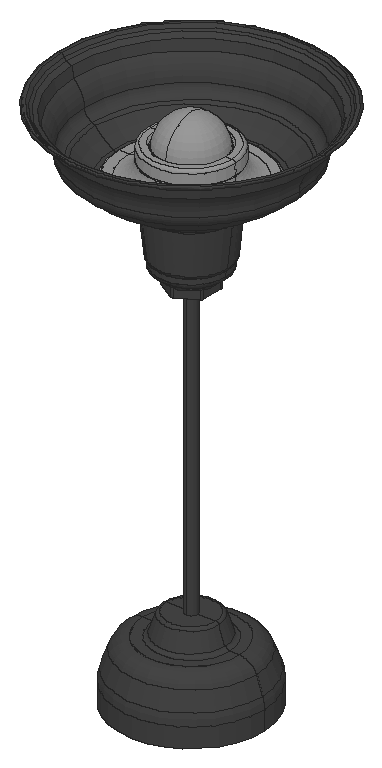
Revit family "BLE-S-WHB-LED", category Lighting Fixtures, host Face, Revit 2022 (continued)
Definition of nested family "WHB Shade"
  Definition of nested family "SHD-0021"
    Dimensions and locks (in)
      locked: plane 27 to plane 44 at 0.45
      locked: plane 41 to plane 46 at 0.16
      locked: plane 3 "Center (Left/Right)" to plane 4 at 1.27876
      locked: plane 4 to plane 6 at 0.162
      locked: plane 6 to plane 9 at 0.041
      locked: plane 9 to plane 12 at 0.063
      locked: plane 12 to plane 14 at 0.178
      locked: plane 14 to plane 16 at 0.458
      locked: plane 43 to plane 18 at 0.154
      locked: plane 18 to plane 19 at 0.392
      locked: plane 19 to plane 22 at 0.055
      locked: plane 22 to plane 24 at 0.074
      locked: plane 24 to plane 26 at 0.154
      plane 3 "Center (Left/Right)" to plane 45 = 0' - 5.39176"
      locked: plane 36 to plane 38 at 0.193
      locked: plane 38 to plane 40 at 0.257
      locked: plane 40 to plane 42 at 0.135
      locked: plane 42 to plane 47 at 0.077
      locked: plane 47 to plane 48 at 0.033
      aligned and locked: plane 2 to Extrusion 1
      aligned and locked: level to Extrusion 1
      aligned and locked: Revolve 2 sketch curve to plane 3 "Center (Left/Right)"  (x2)
    Automatic sketch dimensions
      Extrusion 1 sketch curve to Extrusion 1 sketch curve = 8' - 0"  (x2)
      Revolve 2 sketch curve to Revolve 2 sketch curve = 0' - 0"  (x35)
      Revolve 2 sketch curve to plane 25 = 0' - 0"  (x2)
      Revolve 2 sketch curve to plane 26 = 0' - 0"
      Revolve 2 sketch curve to plane 23 = 0' - 0"
      Revolve 2 sketch curve to plane 24 = 0' - 0"
      Revolve 2 sketch curve to plane 17 = 0' - 0"  (x2)
      Revolve 2 sketch curve to plane 18 = 0' - 0"
      Revolve 2 sketch curve to plane 15 = 0' - 0"
      Revolve 2 sketch curve to plane 43 = 0' - 0"
      Revolve 2 sketch curve to plane 11 = 0' - 0"
      Revolve 2 sketch curve to plane 12 = 0' - 0"
      Revolve 2 sketch curve to level = 0' - 0"
      Revolve 2 sketch curve to Revolve 2 sketch curve = 0' - 0.21107"
      plane 31 to Revolve 2 sketch curve = 0' - 0.03985"
      plane 45 to Revolve 2 sketch curve = 0' - 0.78168"
      Revolve 2 sketch curve to plane 45 = 0' - 0.16528"
      plane 30 to Revolve 2 sketch curve = 0' - 0.04167"
      Revolve 2 sketch curve to plane 30 = 0' - 0.08651"
      Revolve 2 sketch curve to Revolve 2 sketch curve = 0' - 0.03238"
      Revolve 2 sketch curve to plane 34 = 0' - 0.18134"
      Revolve 2 sketch curve to Revolve 2 sketch curve = 0' - 0.03428"
      Revolve 2 sketch curve to Revolve 2 sketch curve = 0' - 0.10279"
      Revolve 2 sketch curve to Revolve 2 sketch curve = 0' - 0.02385"
      Revolve 2 sketch curve to plane 31 = 0' - 0.1631"
      Revolve 2 sketch curve to plane 34 = 0' - 0 11/32"
      Revolve 2 sketch curve to Revolve 2 sketch curve = 0' - 0.19186"
      plane 36 to Revolve 2 sketch curve = 0' - 0.39897"
      Revolve 2 sketch curve to Revolve 2 sketch curve = 0' - 0.16182"
      plane 24 to Revolve 2 sketch curve = 0' - 0.02435"
      plane 21 to Revolve 2 sketch curve = 0' - 0.01402"
      Revolve 2 sketch curve to plane 22 = 0' - 0.01758"
      plane 22 to Revolve 2 sketch curve = 0' - 0.00677"
      plane 19 to Revolve 2 sketch curve = 0' - 0.01379"
      plane 25 to Revolve 2 sketch curve = 0' - 0.01516"
      Revolve 2 sketch curve to plane 16 = 0' - 0.00281"
      plane 14 to Revolve 2 sketch curve = 0' - 0.00034"
      plane 13 to Revolve 2 sketch curve = 0' - 0.00088"
      Revolve 2 sketch curve to Revolve 2 sketch curve = 0' - 0.03885"
      Revolve 2 sketch curve to plane 9 = 0' - 0.02661"
      plane 11 to Revolve 2 sketch curve = 0' - 0.00408"
      Revolve 2 sketch curve to plane 9 = 0' - 0.02415"
      plane 7 to Revolve 2 sketch curve = 0' - 0.00188"
      Revolve 2 sketch curve to plane 6 = 0' - 0.00219"
      Revolve 2 sketch curve to plane 6 = 0' - 0.00024"
      Revolve 2 sketch curve to plane 8 = 0' - 0.00431"
      plane 6 to Revolve 2 sketch curve = 0' - 0.01338"
      plane 5 to Revolve 2 sketch curve = 0' - 0.00799"
      plane 6 to Revolve 2 sketch curve = 0' - 0.03826"
      plane 4 to Revolve 2 sketch curve = 0' - 0.00196"
      plane 3 "Center (Left/Right)" to Revolve 2 sketch curve = 0' - 0.09162"
      plane 3 "Center (Left/Right)" to Revolve 2 sketch curve = 1' - 1.70309"
      level to Revolve 2 sketch curve = 0' - 0 5/128"
      plane 11 to Revolve 2 sketch curve = 0' - 0.0107"
      Revolve 2 sketch curve to plane 23 = 0' - 0.01444"
      plane 23 to Revolve 2 sketch curve = 0' - 0.03054"
      Revolve 2 sketch curve to plane 44 = 0' - 0.16398"
      Revolve 2 sketch curve to plane 31 = 0' - 0.1714"
      Revolve 2 sketch curve to plane 33 = 0' - 0.16972"
      Revolve 2 sketch curve to Revolve 2 sketch curve = 0' - 0.02328"
      plane 33 to Revolve 2 sketch curve = 0' - 1.04622"
      Revolve 2 sketch curve to Revolve 2 sketch curve = 0' - 0.23818"
      Revolve 2 sketch curve to Revolve 2 sketch curve = 0' - 0.01904"
      Revolve 2 sketch curve to Revolve 2 sketch curve = 0' - 0.12419"
      Revolve 2 sketch curve to Revolve 2 sketch curve = 0' - 0.0464"
      Revolve 2 sketch curve to Revolve 2 sketch curve = 3' - 10.325"
      Revolve 2 sketch curve to plane 44 = 0' - 0.18918"
      plane 45 to Revolve 2 sketch curve = 0' - 0.84753"
      Revolve 2 sketch curve to Revolve 2 sketch curve = 0' - 0.01009"
      plane 44 to Revolve 2 sketch curve = 0' - 0.01453"
      Revolve 2 sketch curve to plane 44 = 0' - 0.02139"
      Revolve 2 sketch curve to Revolve 2 sketch curve = 0' - 0.04284"
      plane 11 to Revolve 2 sketch curve = 0' - 0.32444"
      plane 13 to Revolve 2 sketch curve = 0' - 0.162"
Definition of nested family "CPL-0004"
  Parameters (values of type "CPL-0004")
    Coupler Material = none
    Default Elevation = 2' - 0"
  Reference planes (in)
    plane 1 "Center (Front/Back)": y = 0
    plane 2: z = 0
    plane 3 "Center (Left/Right)": x = 0
    plane 4 "Wood Height": z = 0
    plane 5: y = 0.875
    plane 6: z = 0.4
  Forms (in)
    Extrusion 1, solid
      sketch origin (0, 0, 0) x (1, 0, 0) y (0, 1, 0)
        loop
          line (-48, 48) -> (-48, -48) -> (48, -48) -> (48, 48) -> (-48, 48)
      from 0 to -12
    Extrusion 2, solid, material <- "Coupler Material"
      sketch origin (0, 0, 0) x (1, 0, 0) y (0, 1, 0)
        loop
          line (-0.54127, 0.8125) -> (-0.97428, 0.0625)
          arc (-0.97428, 0.0625) -> (-0.99103, 0) -> (-0.97428, -0.0625) r 0.125
          line (-0.97428, -0.0625) -> (-0.54127, -0.8125)
          arc (-0.54127, -0.8125) -> (-0.49551, -0.85825) -> (-0.43301, -0.875) r 0.125
          line (-0.43301, -0.875) -> (0.43301, -0.875)
          arc (0.43301, -0.875) -> (0.49551, -0.85825) -> (0.54127, -0.8125) r 0.125
          line (0.54127, -0.8125) -> (0.97428, -0.0625)
          arc (0.97428, -0.0625) -> (0.99103, 0) -> (0.97428, 0.0625) r 0.125
          line (0.97428, 0.0625) -> (0.54127, 0.8125)
          arc (0.54127, 0.8125) -> (0.49551, 0.85825) -> (0.43301, 0.875) r 0.125
          line (0.43301, 0.875) -> (-0.43301, 0.875)
          arc (-0.43301, 0.875) -> (-0.49551, 0.85825) -> (-0.54127, 0.8125) r 0.125
      from 0 to 0.4
    Revolve 3, solid, material <- "Coupler Material"
      sketch origin (0, 0, 0) x (1, 0, 0) y (0, 0, 1)
        loop
          line (0, 0.65018) -> (-1.00921, 0.65018) -> (-1.03665, 0.61971) -> (-1.02973, 0.43008)
          arc (-1.02973, 0.43008) -> (-1.02417, 0.41239) -> (-1.01036, 0.4) r 0.03506
          line (-1.01036, 0.4) -> (0, 0.4) -> (0, 0.65018)
        axis (0, 0.65018) -> (0, 0.4)
      angle from 0 to 360
  Dimensions and locks (in)
    locked: plane 5 to plane 1 "Center (Front/Back)" at 0.875
    locked: plane 6 to Extrusion 1 at 0.4
    aligned and locked: plane 2 to Extrusion 1
    aligned and locked: level to Extrusion 1
    aligned and locked: Extrusion 1 to plane 4 "Wood Height"
    aligned and locked: Revolve 3 sketch curve to plane 3 "Center (Left/Right)"
  Automatic sketch dimensions
    Extrusion 1 sketch curve to Extrusion 1 sketch curve = 8' - 0"  (x2)
    Revolve 3 sketch curve to plane 6 = 0' - 0"
    Revolve 3 sketch curve to plane 3 "Center (Left/Right)" = 0' - 0"
    plane 6 to Revolve 3 sketch curve = 0' - 0.03136"
    Revolve 3 sketch curve to plane 3 "Center (Left/Right)" = 0' - 0.99469"
    plane 6 to Revolve 3 sketch curve = 0' - 0.25018"
    Revolve 3 sketch curve to Revolve 3 sketch curve = 0' - 0.01453"
    Revolve 3 sketch curve to Revolve 3 sketch curve = 0' - 0.01568"
    plane 6 to Revolve 3 sketch curve = 0' - 0.03008"
    plane 6 to Revolve 3 sketch curve = 0' - 0.21971"
    Revolve 3 sketch curve to Revolve 3 sketch curve = 0' - 0.02744"
    Revolve 3 sketch curve to level = 0' - 0.16839"
    Revolve 3 sketch curve to Revolve 3 sketch curve = 0' - 0.1618"
    plane 1 "Center (Front/Back)" to Extrusion 2 sketch curve = 0' - 0"  (x2)
    Extrusion 2 sketch curve to plane 5 = 0' - 0"
    Extrusion 2 sketch curve to plane 1 "Center (Front/Back)" = 0' - 0 1/16"  (x2)
    plane 1 "Center (Front/Back)" to Extrusion 2 sketch curve = 0' - 0 1/16"  (x2)
    Extrusion 2 sketch curve to Extrusion 2 sketch curve = 0' - 0.10825"  (x4)
    Extrusion 2 sketch curve to plane 3 "Center (Left/Right)" = 0' - 0.54127"
    Extrusion 2 sketch curve to plane 5 = 0' - 0 1/16"  (x2)
    plane 3 "Center (Left/Right)" to Extrusion 2 sketch curve = 0' - 0.43301"  (x2)
Definition of nested family "STM-50XX"
  Parameters (values of type "12"")
    Stem Material = none
    Stem Length = 0' - 10 3/4"
    STM-50XX = yes
    Default Elevation = 2' - 0"
  Types (7): name | Stem Length | STM-50XX | Default Elevation
    6" | 0' - 4 3/4" | yes | 2' - 0"
    12" | 0' - 10 3/4" | yes | 2' - 0"
    18" | 1' - 4 3/4" | yes | 2' - 0"
    24" | 1' - 10 3/4" | yes | 2' - 0"
    36" | 2' - 10 3/4" | yes | 2' - 0"
    48" | 3' - 10 3/4" | yes | 2' - 0"
    STM-50XX | 1' - 0" | no | 3' - 0"
  Reference planes (in)
    plane 1 "Center (Front/Back)": y = 0
    plane 2: z = -0.0015
    plane 3 "Center (Left/Right)": x = 0
    plane 4 "Wood Height": z = -0.0015
    plane 5: z = 10.7485
  Forms (in)
    Extrusion 1, solid
      sketch origin (0, 0, 0) x (1, 0, 0) y (0, 1, 0)
        loop
          line (-48, 48) -> (-48, -48) -> (48, -48) -> (48, 48) -> (-48, 48)
      from -0.0015 to -12
    Extrusion 2, solid, material <- "Stem Material", visible <- "STM-50XX"
      sketch origin (0, 0, 0) x (1, 0, 0) y (0, 1, 0)
        loop
          circle (0, 0) r 0.25
      from 0 to 10.75 <- "Stem Length"
  Dimensions and locks (in)
    "Stem Length": plane 5 to Extrusion 1
    aligned and locked: plane 2 to Extrusion 1
    aligned and locked: level to Extrusion 1
    aligned and locked: Extrusion 1 to plane 4 "Wood Height"
    aligned and locked: plane 5 to Extrusion 2
  Automatic sketch dimensions
    Extrusion 1 sketch curve to Extrusion 1 sketch curve = 8' - 0"  (x2)
    plane 1 "Center (Front/Back)" to Extrusion 2 sketch curve = 0' - 0"
    Extrusion 2 sketch curve to plane 3 "Center (Left/Right)" = 0' - 0"
    radius of Extrusion 2 sketch curve = 0' - 0 1/4"
Definition of nested family "SHD-0189"
  Parameters (values of type "SHD-0189")
    SHD-0189 = yes
    Default Elevation = 3' - 0"
    Base Material = none
  Reference planes (in)
    plane 1 "Center (Front/Back)": y = 0
    plane 2: z = 0
    plane 3 "Center (Left/Right)": x = 0
    plane 4: y = -1.135
    plane 5: x = -3.012
    plane 6: z = 0.932
    plane 7: x = -2.931
    plane 8: z = 1.247
    plane 9: z = 1.967
    plane 10: x = -2.669
    plane 11: x = -1.992
    plane 12: z = 2.441
    plane 13: x = -1.566
    plane 14: z = 2.564
    plane 15: x = -1.391
    plane 16: x = -1.137
    plane 17: z = 3.261
    plane 18: x = -1.019
    plane 19: z = 3.344
  Forms (in)
    Extrusion 1, solid
      sketch origin (0, 0, 0) x (1, 0, 0) y (0, 1, 0)
        loop
          line (-48, 48) -> (-48, -48) -> (48, -48) -> (48, 48) -> (-48, 48)
      from 0 to -12
    Revolve 2, solid, material <- "Base Material", visible <- "SHD-0189"
      sketch origin (0, 0, 0) x (1, 0, 0) y (0, 0, 1)
        loop
          line (-3.012, 0) -> (0, 0) -> (0, 3.344) -> (-1.01337, 3.344)
          arc (-1.01337, 3.344) -> (-1.08988, 3.31989) -> (-1.13873, 3.25626) r 0.13342
          line (-1.13873, 3.25626) -> (-1.39133, 2.56309)
          arc (-1.39133, 2.56309) -> (-1.45931, 2.47456) -> (-1.56577, 2.441) r 0.18566
          line (-1.56577, 2.441) -> (-1.98708, 2.441)
          arc (-1.98708, 2.441) -> (-2.40426, 2.30955) -> (-2.67072, 1.96268) r 0.7277
          line (-2.67072, 1.96268) -> (-2.93113, 1.2488)
          arc (-2.93113, 1.2488) -> (-2.99163, 1.02351) -> (-3.012, 0.79113) r 1.33552
          line (-3.012, 0.79113) -> (-3.012, 0)
        axis (0, 3.344) -> (0, 0)
      angle from 0 to 360
  Dimensions and locks (in)
    locked: plane 4 to plane 1 "Center (Front/Back)" at 1.135
    locked: plane 3 "Center (Left/Right)" to plane 18 at 1.019
    locked: plane 3 "Center (Left/Right)" to plane 13 at 1.566
    plane 5 to plane 3 "Center (Left/Right)" = 0' - 3.012"
    locked: plane 6 to Extrusion 1 at 0.932
    locked: plane 8 to plane 6 at 0.315
    locked: plane 9 to plane 8 at 0.72
    locked: plane 12 to plane 9 at 0.474
    locked: plane 14 to plane 12 at 0.123
    locked: plane 17 to plane 14 at 0.697
    locked: plane 19 to plane 17 at 0.083
    locked: plane 18 to plane 16 at 0.118
    locked: plane 15 to plane 13 at 0.175
    locked: plane 5 to plane 7 at 0.081
    locked: plane 10 to plane 7 at 0.262
    locked: plane 11 to plane 10 at 0.677
    aligned and locked: plane 2 to Extrusion 1
    aligned and locked: level to Extrusion 1
    aligned and locked: Revolve 2 sketch curve to plane 3 "Center (Left/Right)"
  Automatic sketch dimensions
    Extrusion 1 sketch curve to Extrusion 1 sketch curve = 8' - 0"  (x2)
    Revolve 2 sketch curve to level = 0' - 0"
    plane 5 to Revolve 2 sketch curve = 0' - 0"
    Revolve 2 sketch curve to plane 12 = 0' - 0"
    Revolve 2 sketch curve to plane 19 = 0' - 0"
    Revolve 2 sketch curve to plane 3 "Center (Left/Right)" = 0' - 0"
    Revolve 2 sketch curve to plane 7 = 0' - 0.00013"
    Revolve 2 sketch curve to plane 10 = 0' - 0.00172"
    plane 11 to Revolve 2 sketch curve = 0' - 0.00492"
    Revolve 2 sketch curve to plane 13 = 0' - 0.11048"
    plane 13 to Revolve 2 sketch curve = 0' - 0.00023"
    Revolve 2 sketch curve to plane 15 = 0' - 0.00033"
    Revolve 2 sketch curve to plane 16 = 0' - 0.00173"
    plane 18 to Revolve 2 sketch curve = 0' - 0.00563"
    Revolve 2 sketch curve to Revolve 2 sketch curve = 0' - 1.82253"
    Revolve 2 sketch curve to Revolve 2 sketch curve = 0' - 3 1/4"
Definition of nested family "ACR-0306"
  Parameters (values of type "ACR-0306")
    Flat = no
    Dome = yes
    Default Elevation = 2' - 0"
  Reference planes (in)
    plane 1 "Center (Front/Back)": y = 0
    plane 2: z = 0
    plane 3 "Center (Left/Right)": x = 0
  Forms (in)
    Extrusion 1, solid
      sketch origin (0, 0, 0) x (1, 0, 0) y (0, 1, 0)
        loop
          line (-48, 48) -> (-48, -48) -> (48, -48) -> (48, 48) -> (-48, 48)
      from 0 to -12
  Dimensions and locks (in)
    aligned and locked: plane 2 to Extrusion 1
    aligned and locked: level to Extrusion 1
    aligned and locked: plane 3 "Center (Left/Right)" to nested 1
    aligned and locked: plane 1 "Center (Front/Back)" to nested 1
    aligned and locked: plane 1 "Center (Front/Back)" to nested 2
    aligned and locked: plane 3 "Center (Left/Right)" to nested 2
  Nested families (in)
    nested 1: "ACR-0306-FL" at (0, 0, 0), visible <- "Flat", type "ACR-0306-FL"
    nested 2: "ACR-0306-DL" at (0, 0, 0), visible <- "Dome", type "ACR-0306-DL"
  Definition of nested family "ACR-0306-FL"
    Parameters (values of type "ACR-0306-FL")
      Default Elevation = 2' - 0"
    Reference planes (in)
      plane 1 "Center (Front/Back)": y = 0
      plane 2: z = 0
      plane 3 "Center (Left/Right)": x = 0
    Forms (in)
      Extrusion 1, solid
        sketch origin (0, 0, 0) x (1, 0, 0) y (0, 1, 0)
          loop
            line (-48, 48) -> (-48, -48) -> (48, -48) -> (48, 48) -> (-48, 48)
        from 0 to -12
      Revolve 2, solid
        sketch origin (0, 0, 0) x (1, 0, 0) y (0, 0, 1)
          loop
            line (0, 0) -> (0, 0.0811) -> (-1.55567, 0.0811)
            arc (-1.55567, 0.0811) -> (-1.56963, 0.07532) -> (-1.57541, 0.06137) r 0.01973
            line (-1.57541, 0.06137) -> (-1.57541, 0) -> (0, 0)
          axis (0, 0.0811) -> (0, 0)
        angle from 0 to 360
    Dimensions and locks (in)
      aligned and locked: plane 2 to Extrusion 1
      aligned and locked: level to Extrusion 1
      aligned and locked: Revolve 2 sketch curve to plane 3 "Center (Left/Right)"
    Automatic sketch dimensions
      Extrusion 1 sketch curve to Extrusion 1 sketch curve = 8' - 0"  (x2)
      Revolve 2 sketch curve to plane 3 "Center (Left/Right)" = 0' - 0"
      Revolve 2 sketch curve to level = 0' - 0"
      level to Revolve 2 sketch curve = 0' - 0.06137"
      Revolve 2 sketch curve to plane 3 "Center (Left/Right)" = 0' - 1.55567"
      Revolve 2 sketch curve to Revolve 2 sketch curve = 0' - 0.01973"
      Revolve 2 sketch curve to Revolve 2 sketch curve = 0' - 0.42716"
      Revolve 2 sketch curve to Revolve 2 sketch curve = 0' - 1.63223"
  Definition of nested family "ACR-0306-DL"
    Parameters (values of type "ACR-0306-DL")
      Default Elevation = 2' - 0"
    Reference planes (in)
      plane 1 "Center (Front/Back)": y = 0
      plane 2: z = 0
      plane 3 "Center (Left/Right)": x = 0
    Forms (in)
      Extrusion 1, solid
        sketch origin (0, 0, 0) x (1, 0, 0) y (0, 1, 0)
          loop
            line (-48, 48) -> (-48, -48) -> (48, -48) -> (48, 48) -> (-48, 48)
        from 0 to -12
      Revolve 2, solid
        sketch origin (0, 0, 0) x (1, 0, 0) y (0, 0, 1)
          loop
            arc (-1.31383, 0) -> (-1.24748, 0.02724) -> (-1.2194, 0.09324) r 0.09444
            arc (-1.2194, 0.09324) -> (-0.85683, 0.94555) -> (0, 1.29728) r 1.2195
            line (0, 1.29728) -> (0, 1.37984)
            arc (0, 1.37984) -> (-0.90946, 1.00889) -> (-1.30005, 0.1077) r 1.30036
            arc (-1.30005, 0.1077) -> (-1.30822, 0.08886) -> (-1.32723, 0.0811) r 0.02719
            line (-1.32723, 0.0811) -> (-1.55567, 0.0811)
            arc (-1.55567, 0.0811) -> (-1.56963, 0.07532) -> (-1.57541, 0.06137) r 0.01973
            line (-1.57541, 0.06137) -> (-1.57541, 0) -> (-1.31383, 0)
          axis (0, 1.37984) -> (0, 0)
        angle from 0 to 360
    Dimensions and locks (in)
      aligned and locked: plane 2 to Extrusion 1
      aligned and locked: level to Extrusion 1
      aligned and locked: Revolve 2 sketch curve to plane 3 "Center (Left/Right)"
    Automatic sketch dimensions
      Extrusion 1 sketch curve to Extrusion 1 sketch curve = 8' - 0"  (x2)
      Revolve 2 sketch curve to level = 0' - 0"
      Revolve 2 sketch curve to plane 3 "Center (Left/Right)" = 0' - 0"  (x3)
      Revolve 2 sketch curve to plane 3 "Center (Left/Right)" = 0' - 1.31383"
      Revolve 2 sketch curve to Revolve 2 sketch curve = 0' - 0.0134"
      level to Revolve 2 sketch curve = 0' - 0.06137"
      Revolve 2 sketch curve to Revolve 2 sketch curve = 0' - 0.22844"
      Revolve 2 sketch curve to Revolve 2 sketch curve = 0' - 0.01973"
      level to Revolve 2 sketch curve = 0' - 0.07778"
      Revolve 2 sketch curve to Revolve 2 sketch curve = 0' - 0.00169"
      Revolve 2 sketch curve to Revolve 2 sketch curve = 0' - 0.01334"
      Revolve 2 sketch curve to Revolve 2 sketch curve = 0' - 0.01385"
      Revolve 2 sketch curve to Revolve 2 sketch curve = 0' - 1.2178"
      Revolve 2 sketch curve to Revolve 2 sketch curve = 0' - 0.08255"
      Revolve 2 sketch curve to level = 0' - 0.42716"
      Revolve 2 sketch curve to Revolve 2 sketch curve = 0' - 0.3335"
Definition of nested family "RNG-0007"
  Parameters (values of type "RNG-0007")
    Default Elevation = 2' - 0"
  Reference planes (in)
    plane 1 "Center (Front/Back)": y = 0
    plane 2: z = 0
    plane 3 "Center (Left/Right)": x = 0
    plane 4: x = -1.35
  Forms (in)
    Extrusion 1, solid
      sketch origin (0, 0, 0.00163) x (1, 0, 0) y (0, 1, 0)
        loop
          line (-48, 48) -> (-48, -48) -> (48, -48) -> (48, 48) -> (-48, 48)
      from -0.00163 to -12
    Revolve 2, solid
      sketch origin (0, 0, 0) x (1, 0, 0) y (0, 0, 1)
        loop
          line (-1.62365, -0.38995) -> (-1.62365, 0) -> (-1.35, 0) -> (-1.35, 0.0714) -> (-1.42851, 0.14991) -> (-1.67485, 0.14991)
          arc (-1.67485, 0.14991) -> (-1.76216, 0.11443) -> (-1.79998, 0.02812) r 0.12517
          line (-1.79998, 0.02812) -> (-1.81128, -0.38995) -> (-1.62365, -0.38995)
        axis (0, 0.14991) -> (0, -0.38995)
      angle from 0 to 360
  Dimensions and locks (in)
    locked: plane 3 "Center (Left/Right)" to plane 4 at 1.35
    aligned and locked: plane 2 to Extrusion 1
    aligned and locked: level to Extrusion 1
    aligned and locked: Revolve 2 sketch curve to plane 3 "Center (Left/Right)"
  Automatic sketch dimensions
    Extrusion 1 sketch curve to Extrusion 1 sketch curve = 8' - 0"  (x2)
    Revolve 2 sketch curve to level = 0' - 0.38995"
    Revolve 2 sketch curve to plane 4 = 0' - 0"
    Revolve 2 sketch curve to plane 4 = 0' - 0.07851"
    Revolve 2 sketch curve to Revolve 2 sketch curve = 0' - 0.19514"
    Revolve 2 sketch curve to Revolve 2 sketch curve = 0' - 0.0512"
    Revolve 2 sketch curve to Revolve 2 sketch curve = 0' - 0.12513"
    Revolve 2 sketch curve to Revolve 2 sketch curve = 0' - 0.18763"
    Revolve 2 sketch curve to Revolve 2 sketch curve = 0' - 0.38995"
    Revolve 2 sketch curve to Revolve 2 sketch curve = 0' - 0.02473"
    Revolve 2 sketch curve to Revolve 2 sketch curve = 0' - 0.0714"
    Revolve 2 sketch curve to level = 0' - 0.0832"
    level to Revolve 2 sketch curve = 0' - 0.71355"
Definition of nested family "103805"
  Parameters (values of type "103805")
    Heat Sink 6" = yes
    Default Elevation = 2' - 0"
  Reference planes (in)
    plane 1 "Center (Front/Back)": y = 0
    plane 2: z = 0
    plane 3 "Center (Left/Right)": x = 0
  Forms (in)
    Extrusion 1, solid
      sketch origin (0, 0, 0) x (1, 0, 0) y (0, 1, 0)
        loop
          line (-48, 48) -> (-48, -48) -> (48, -48) -> (48, 48) -> (-48, 48)
      from 0 to -12
    Revolve 2, solid, visible <- "Heat Sink 6""
      sketch origin (0, 0, 0) x (1, 0, 0) y (0, 0, 1)
        loop
          line (0, 0) -> (0, 0.62434) -> (-1.30334, 0.62434)
          arc (-1.30334, 0.62434) -> (-1.32437, 0.63289) -> (-1.33347, 0.65368) r 0.03013
          line (-1.33347, 0.65368) -> (-1.34912, 1.25004) -> (-1.62392, 1.25004) -> (-1.62392, 0.90054) -> (-1.81218, 0.90054)
          arc (-1.81218, 0.90054) -> (-2.04769, 0.40262) -> (-2.55995, 0.20019) r 0.74937
          line (-2.55995, 0.20019) -> (-2.95038, 0.20019)
          arc (-2.95038, 0.20019) -> (-2.98337, 0.18703) -> (-2.99824, 0.15477) r 0.04793
          line (-2.99824, 0.15477) -> (-2.99996, 0.12184) -> (-2.88993, 0.01181)
          arc (-2.88993, 0.01181) -> (-2.87685, 0.00307) -> (-2.86143, 0) r 0.04031
          line (-2.86143, 0) -> (0, 0)
        axis (0, 1.25004) -> (0, 0)
      angle from 0 to 360
  Dimensions and locks (in)
    aligned and locked: plane 2 to Extrusion 1
    aligned and locked: level to Extrusion 1
    aligned and locked: Revolve 2 sketch curve to plane 3 "Center (Left/Right)"
  Automatic sketch dimensions
    Extrusion 1 sketch curve to Extrusion 1 sketch curve = 8' - 0"  (x2)
    Revolve 2 sketch curve to level = 0' - 0"
    Revolve 2 sketch curve to plane 3 "Center (Left/Right)" = 0' - 0"
    level to Revolve 2 sketch curve = 0' - 0.62434"
    Revolve 2 sketch curve to plane 3 "Center (Left/Right)" = 0' - 1.30334"
    Revolve 2 sketch curve to Revolve 2 sketch curve = 0' - 0.03012"
    Revolve 2 sketch curve to Revolve 2 sketch curve = 0' - 0.29046"
    Revolve 2 sketch curve to Revolve 2 sketch curve = 0' - 0.18826"
    level to Revolve 2 sketch curve = 0' - 0.20019"
    Revolve 2 sketch curve to Revolve 2 sketch curve = 0' - 0.74777"
    Revolve 2 sketch curve to Revolve 2 sketch curve = 0' - 0.30148"
    level to Revolve 2 sketch curve = 0' - 0.01181"
    Revolve 2 sketch curve to Revolve 2 sketch curve = 0' - 0.0285"
    Revolve 2 sketch curve to Revolve 2 sketch curve = 0' - 0.08895"
    level to Revolve 2 sketch curve = 0' - 0.15477"
    Revolve 2 sketch curve to Revolve 2 sketch curve = 0' - 0.04786"
    Revolve 2 sketch curve to Revolve 2 sketch curve = 0' - 0.24686"
    Revolve 2 sketch curve to Revolve 2 sketch curve = 0' - 0.3495"
    Revolve 2 sketch curve to Revolve 2 sketch curve = 0' - 0.27481"
    Revolve 2 sketch curve to level = 0' - 1.22145"
    Revolve 2 sketch curve to Revolve 2 sketch curve = 0' - 1.65421"
Definition of nested family "SUB-0062"
  Parameters (values of type "SUB-0062")
    SUB-0062 = yes
    Default Elevation = 3' - 0"
    Base Material = none
  Reference planes (in)
    plane 1 "Center (Front/Back)": y = 0
    plane 2: z = 0
    plane 3 "Center (Left/Right)": x = 0
  Forms (in)
    Extrusion 1, solid
      sketch origin (0, 0, 0) x (1, 0, 0) y (0, 1, 0)
        loop
          line (-48, 48) -> (-48, -48) -> (48, -48) -> (48, 48) -> (-48, 48)
      from 0 to -12
    Revolve 2, solid, material <- "Base Material", visible <- "SUB-0062"
      sketch origin (0, 0, 0) x (0, 1, 0) y (0, 0, 1)
        loop
          line (0, 0) -> (3.01178, 0) -> (2.99534, 0.94193)
          arc (2.99534, 0.94193) -> (2.98011, 1.09313) -> (2.94014, 1.23973) r 0.91753
          line (2.94014, 1.23973) -> (2.67403, 1.97086)
          arc (2.67403, 1.97086) -> (2.41182, 2.31259) -> (2.00102, 2.44212) r 0.71621
          line (2.00102, 2.44212) -> (1.56378, 2.44212)
          arc (1.56378, 2.44212) -> (1.45884, 2.47521) -> (1.39185, 2.5625) r 0.18296
          line (1.39185, 2.5625) -> (1.13638, 3.26439)
          arc (1.13638, 3.26439) -> (1.09147, 3.32293) -> (1.02109, 3.34512) r 0.12269
          line (1.02109, 3.34512) -> (0.77564, 3.34512)
          arc (0.77564, 3.34512) -> (0.72988, 3.40264) -> (0.67974, 3.45638) r 0.93429
          arc (0.67974, 3.45638) -> (0.65717, 3.47905) -> (0.63567, 3.50274) r 0.69369
          spline (0.63567, 3.50274) -> (0.56351, 3.59278) -> (0.52808, 3.64741) -> (0.49791, 3.70469) -> (0.47395, 3.76493) -> (0.45774, 3.82783) -> (0.45106, 3.89538) -> (0.45797, 3.95679) -> (0.48403, 4.01572) -> (0.52835, 4.06239) -> (0.58238, 4.09589) -> (0.63388, 4.11877) -> (0.75, 4.16512)
          line (0.75, 4.16512) -> (0.75, 5.14512) -> (0, 5.14512) -> (0, 0)
        axis (0, 5.14512) -> (0, 0)
      angle from 0 to 360
    Extrusion 3, void
      sketch origin (0, 0, 0) x (1, 0, 0) y (0, 1, 0)
        loop
          line (0, 0.75) -> (-0.64952, 0.375) -> (-0.64952, -0.375) -> (0, -0.75) -> (0.64952, -0.375) -> (0.64952, 0.375) -> (0, 0.75)
        loop
          circle (0, 0) r 1.30364
      from 3.7909 to 5.14512
  Cuts and joins
    Extrusion 3 cuts Revolve 2
  Dimensions and locks (in)
    aligned and locked: plane 2 to Extrusion 1
    aligned and locked: level to Extrusion 1
    aligned and locked: plane 1 "Center (Front/Back)" to Revolve 2 sketch curve
    aligned and locked: Extrusion 3 to Revolve 2
  Automatic sketch dimensions
    Extrusion 1 sketch curve to Extrusion 1 sketch curve = 8' - 0"  (x2)
    Revolve 2 sketch curve to level = 0' - 0"
    Revolve 2 sketch curve to plane 1 "Center (Front/Back)" = 0' - 0"
    Revolve 2 sketch curve to plane 1 "Center (Front/Back)" = 0' - 0.0222"
    Revolve 2 sketch curve to Revolve 2 sketch curve = 0' - 0 3/4"
    Revolve 2 sketch curve to plane 1 "Center (Front/Back)" = 0' - 0.77564"
    Revolve 2 sketch curve to Revolve 2 sketch curve = 0' - 0.24545"
    Revolve 2 sketch curve to Revolve 2 sketch curve = 0' - 0.11529"
    Revolve 2 sketch curve to Revolve 2 sketch curve = 0' - 0.40998"
    Revolve 2 sketch curve to Revolve 2 sketch curve = 0' - 0.25547"
    Revolve 2 sketch curve to Revolve 2 sketch curve = 0' - 0.17193"
    Revolve 2 sketch curve to Revolve 2 sketch curve = 0' - 0.43724"
    Revolve 2 sketch curve to Revolve 2 sketch curve = 0' - 0.07693"
    Revolve 2 sketch curve to Revolve 2 sketch curve = 0' - 0.67302"
    level to Revolve 2 sketch curve = 0' - 1.23973"
    Revolve 2 sketch curve to Revolve 2 sketch curve = 0' - 0.26611"
    level to Revolve 2 sketch curve = 0' - 0.94193"
    Revolve 2 sketch curve to Revolve 2 sketch curve = 0' - 0.05519"
    Revolve 2 sketch curve to Revolve 2 sketch curve = 0' - 0.12039"
    Revolve 2 sketch curve to Revolve 2 sketch curve = 0' - 0.55247"
    Revolve 2 sketch curve to Revolve 2 sketch curve = 0' - 0.61184"
    Revolve 2 sketch curve to Revolve 2 sketch curve = 0' - 0.20816"
    Revolve 2 sketch curve to Revolve 2 sketch curve = 0' - 0.98"
    Revolve 2 sketch curve to Revolve 2 sketch curve = 0' - 0.13997"
    Revolve 2 sketch curve to Revolve 2 sketch curve = 0' - 0.04406"
    Revolve 2 sketch curve to Revolve 2 sketch curve = 0' - 0.51384"
    Revolve 2 sketch curve to Revolve 2 sketch curve = 0' - 1 1/4"
    Extrusion 3 sketch curve to plane 3 "Center (Left/Right)" = 0' - 0"  (x3)
    plane 1 "Center (Front/Back)" to Extrusion 3 sketch curve = 0' - 0"
    Extrusion 3 sketch curve to plane 3 "Center (Left/Right)" = 0' - 0.64952"
    plane 3 "Center (Left/Right)" to Extrusion 3 sketch curve = 0' - 0.64952"
    plane 1 "Center (Front/Back)" to Extrusion 3 sketch curve = 0' - 0 3/8"  (x2)
    Extrusion 3 sketch curve to Extrusion 3 sketch curve = 0' - 0 3/8"
    Extrusion 3 sketch curve to plane 1 "Center (Front/Back)" = 0' - 0 3/8"  (x2)
    Extrusion 3 sketch curve to Extrusion 3 sketch curve = 0' - 0 3/4"
    radius of Extrusion 3 sketch curve = 0' - 1.30364"
Definition of nested family "CAN-5001"
  Parameters (values of type "CAN-5001")
    Default Elevation = 3' - 0"
    CAN-5001 = yes
    Base Material = none
  Reference planes (in)
    plane 1 "Center (Front/Back)": y = 0
    plane 2: z = 0
    plane 3 "Center (Left/Right)": x = 0
  Forms (in)
    Extrusion 1, solid
      sketch origin (0, 0, 0) x (1, 0, 0) y (0, 1, 0)
        loop
          line (-48, 48) -> (-48, -48) -> (48, -48) -> (48, 48) -> (-48, 48)
      from 0 to -12
    Revolve 2, solid, material <- "Base Material", visible <- "CAN-5001"
      sketch origin (0, 0, 0) x (1, 0, 0) y (0, 0, 1)
        loop
          line (0, 0) -> (0, 0.82839) -> (-0.4115, 0.82839)
          arc (-0.4115, 0.82839) -> (-1.28589, 0.58531) -> (-2.05278, 0.1) r 3.10792
          line (-2.05278, 0.1) -> (-2.16, 0.1) -> (-2.16349, 0) -> (0, 0)
        axis (0, 0.82839) -> (0, 0)
      angle from 0 to 360
    Extrusion 3, void
      sketch origin (0, 0, 0) x (1, 0, 0) y (0, 1, 0)
        loop
          arc (1.4825, 0.20002) -> (1.2825, 0.00002) -> (1.4825, -0.19998) r 0.2
          line (1.4825, -0.19998) -> (2.2325, -0.19998) -> (2.2325, 0.20002) -> (1.4825, 0.20002)
        loop
          line (-1.4825, 0.20002) -> (-2.2325, 0.20002) -> (-2.2325, -0.19998) -> (-1.4825, -0.19998)
          arc (-1.4825, -0.19998) -> (-1.2825, 0.00002) -> (-1.4825, 0.20002) r 0.2
        loop
          arc (-0.13375, 1.44777) -> (0, 1.31402) -> (0.13375, 1.44777) r 0.13375
          line (0.13375, 1.44777) -> (0.13375, 2.23757) -> (-0.13375, 2.23757) -> (-0.13375, 1.44777)
        loop
          line (-0.13375, -1.44777) -> (-0.13375, -2.23757) -> (0.13375, -2.23757) -> (0.13375, -1.44777)
          arc (0.13375, -1.44777) -> (0, -1.31402) -> (-0.13375, -1.44777) r 0.13375
      from 0.1 to 0.82839
  Cuts and joins
    Extrusion 3 cuts Revolve 2
  Dimensions and locks (in)
    aligned and locked: plane 2 to Extrusion 1
    aligned and locked: level to Extrusion 1
    aligned and locked: Revolve 2 sketch curve to plane 3 "Center (Left/Right)"
    aligned and locked: Extrusion 3 to Revolve 2  (x2)
  Automatic sketch dimensions
    Extrusion 1 sketch curve to Extrusion 1 sketch curve = 8' - 0"  (x2)
    Revolve 2 sketch curve to level = 0' - 0"
    Revolve 2 sketch curve to plane 3 "Center (Left/Right)" = 0' - 0"
    Revolve 2 sketch curve to plane 3 "Center (Left/Right)" = 0' - 0.0252"
    Revolve 2 sketch curve to Revolve 2 sketch curve = 0' - 0.4115"
    level to Revolve 2 sketch curve = 0' - 0.1"
    Revolve 2 sketch curve to Revolve 2 sketch curve = 0' - 1.64128"
    Revolve 2 sketch curve to Revolve 2 sketch curve = 0' - 0.10722"
    Revolve 2 sketch curve to Revolve 2 sketch curve = 0' - 0.00349"
    Revolve 2 sketch curve to level = 0' - 2.25543"
    Revolve 2 sketch curve to Revolve 2 sketch curve = 0' - 0.14311"
    Revolve 2 sketch curve to Revolve 2 sketch curve = 0' - 0.53741"
    Extrusion 3 sketch curve to plane 1 "Center (Front/Back)" = 0' - 0.20002"  (x2)
    Extrusion 3 sketch curve to plane 3 "Center (Left/Right)" = 0' - 2.2325"
    plane 1 "Center (Front/Back)" to Extrusion 3 sketch curve = 0' - 0.19998"
    Extrusion 3 sketch curve to Extrusion 3 sketch curve = 0' - 0 3/4"  (x2)
    Extrusion 3 sketch curve to plane 3 "Center (Left/Right)" = 0' - 0.13375"  (x2)
    Extrusion 3 sketch curve to plane 3 "Center (Left/Right)" = 0' - 0"  (x2)
    Extrusion 3 sketch curve to plane 1 "Center (Front/Back)" = 0' - 0.00002"
    plane 3 "Center (Left/Right)" to Extrusion 3 sketch curve = 0' - 1.4825"
    plane 1 "Center (Front/Back)" to Extrusion 3 sketch curve = 0' - 1.44777"
    Extrusion 3 sketch curve to Extrusion 3 sketch curve = 0' - 0.78979"  (x2)
    Extrusion 3 sketch curve to plane 1 "Center (Front/Back)" = 0' - 1.44777"
Definition of nested family "103264"
  Parameters (values of type "103264")
    Heat Sink 9" = yes
    Default Elevation = 2' - 0"
  Reference planes (in)
    plane 1 "Center (Front/Back)": y = 0
    plane 2: z = 0
    plane 3 "Center (Left/Right)": x = 0
  Forms (in)
    Extrusion 1, solid
      sketch origin (0, 0, 0) x (1, 0, 0) y (0, 1, 0)
        loop
          line (-48, 48) -> (-48, -48) -> (48, -48) -> (48, 48) -> (-48, 48)
      from 0 to -12
    Revolve 2, solid, visible <- "Heat Sink 9""
      sketch origin (0, 0, 0) x (1, 0, 0) y (0, 0, 1)
        loop
          line (0, 0) -> (0, 0.62434) -> (-1.30334, 0.62434)
          arc (-1.30334, 0.62434) -> (-1.32437, 0.63289) -> (-1.33347, 0.65368) r 0.03013
          line (-1.33347, 0.65368) -> (-1.34912, 1.25004) -> (-1.62392, 1.25004) -> (-1.62392, 0.90054) -> (-1.81218, 0.90054)
          arc (-1.81218, 0.90054) -> (-2.04769, 0.40262) -> (-2.55995, 0.20019) r 0.74937
          line (-2.55995, 0.20019) -> (-4.45232, 0.20019)
          arc (-4.45232, 0.20019) -> (-4.48531, 0.18703) -> (-4.50018, 0.15477) r 0.04793
          line (-4.50018, 0.15477) -> (-4.50191, 0.12184) -> (-4.39187, 0.01181)
          arc (-4.39187, 0.01181) -> (-4.3788, 0.00307) -> (-4.36337, 0) r 0.04031
          line (-4.36337, 0) -> (0, 0)
        axis (0, 1.25004) -> (0, 0)
      angle from 0 to 360
  Dimensions and locks (in)
    aligned and locked: plane 2 to Extrusion 1
    aligned and locked: level to Extrusion 1
    aligned and locked: Revolve 2 sketch curve to plane 3 "Center (Left/Right)"
  Automatic sketch dimensions
    Extrusion 1 sketch curve to Extrusion 1 sketch curve = 8' - 0"  (x2)
    Revolve 2 sketch curve to level = 0' - 0"
    Revolve 2 sketch curve to plane 3 "Center (Left/Right)" = 0' - 0"
    level to Revolve 2 sketch curve = 0' - 0.62434"
    Revolve 2 sketch curve to plane 3 "Center (Left/Right)" = 0' - 1.30334"
    Revolve 2 sketch curve to Revolve 2 sketch curve = 0' - 0.03012"
    Revolve 2 sketch curve to Revolve 2 sketch curve = 0' - 0.29046"
    Revolve 2 sketch curve to Revolve 2 sketch curve = 0' - 0.18826"
    level to Revolve 2 sketch curve = 0' - 0.20019"
    Revolve 2 sketch curve to Revolve 2 sketch curve = 0' - 0.74777"
    Revolve 2 sketch curve to Revolve 2 sketch curve = 0' - 1.80342"
    level to Revolve 2 sketch curve = 0' - 0.01181"
    Revolve 2 sketch curve to Revolve 2 sketch curve = 0' - 0.0285"
    Revolve 2 sketch curve to Revolve 2 sketch curve = 0' - 0.08895"
    level to Revolve 2 sketch curve = 0' - 0.15477"
    Revolve 2 sketch curve to Revolve 2 sketch curve = 0' - 0.04786"
    Revolve 2 sketch curve to Revolve 2 sketch curve = 0' - 0.24686"
    Revolve 2 sketch curve to Revolve 2 sketch curve = 0' - 0.3495"
    Revolve 2 sketch curve to Revolve 2 sketch curve = 0' - 0.27481"
    Revolve 2 sketch curve to level = 0' - 1.22145"
    Revolve 2 sketch curve to Revolve 2 sketch curve = 0' - 1.65421"
Definition of nested family "STM-75XX"
  Parameters (values of type "STM-75XX")
    Stem Material = none
    Stem Length = 0' - 11.9985"
    STM-75XX = yes
    Default Elevation = 3' - 0"
  Reference planes (in)
    plane 1 "Center (Front/Back)": y = 0
    plane 2: z = -0.0015
    plane 3 "Center (Left/Right)": x = 0
    plane 4 "Wood Height": z = -0.0015
    plane 5: z = 11.997
  Forms (in)
    Extrusion 1, solid
      sketch origin (0, 0, 0) x (1, 0, 0) y (0, 1, 0)
        loop
          line (-48, 48) -> (-48, -48) -> (48, -48) -> (48, 48) -> (-48, 48)
      from -0.0015 to -12
    Extrusion 2, solid, material <- "Stem Material", visible <- "STM-75XX"
      sketch origin (0, 0, 0) x (1, 0, 0) y (0, 1, 0)
        loop
          circle (0, 0) r 0.375
      from 0 to 11.9985 <- "Stem Length"
  Dimensions and locks (in)
    "Stem Length": plane 5 to Extrusion 1
    aligned and locked: plane 2 to Extrusion 1
    aligned and locked: level to Extrusion 1
    aligned and locked: Extrusion 1 to plane 4 "Wood Height"
    aligned and locked: plane 5 to Extrusion 2
  Automatic sketch dimensions
    Extrusion 1 sketch curve to Extrusion 1 sketch curve = 8' - 0"  (x2)
    plane 1 "Center (Front/Back)" to Extrusion 2 sketch curve = 0' - 0"
    Extrusion 2 sketch curve to plane 3 "Center (Left/Right)" = 0' - 0"
    radius of Extrusion 2 sketch curve = 0' - 0 3/8"
Types (49): name | SUB-0062 | STM-75XX | STM-50XX | SHD-0189 | Light Source Distance | Heat Sink 9" | Heat Sink 6" | CAN-5001 | Base Height | Heat Sink | Flat | Dome | 17" | 15" | 13" | 11"
  (no name) | no | no | yes | yes | 1' - 10 5/32" | no | yes | no | 0' - 3 11/32" | 0' - 3 13/128" | no | yes | no | no | no | yes
  11" Dome 1/2" Stem Swivel Base | yes | no | yes | no | 0' - 5 159/256" | no | yes | no | 0' - 5 37/256" | 0' - 3 13/128" | no | yes | no | no | no | yes
  13" Dome 1/2" Stem Large Base | no | no | yes | yes | 0' - 5 159/256" | yes | no | no | 0' - 3 11/32" | 0' - 3 1/2" | no | yes | no | no | yes | no
  15" Dome 1/2" Stem Large Base | no | no | yes | yes | 0' - 5 159/256" | yes | no | no | 0' - 3 11/32" | 0' - 3 51/128" | no | yes | no | yes | no | no
  17" Dome 1/2" Stem Large Base | no | no | yes | yes | 0' - 5 159/256" | yes | no | no | 0' - 3 11/32" | 0' - 3 51/128" | no | yes | yes | no | no | no
  11" Flat 1/2" Stem Large Base | no | no | yes | yes | 0' - 5 159/256" | no | yes | no | 0' - 3 11/32" | 0' - 3 13/128" | yes | no | no | no | no | yes
  13" Flat 1/2" Stem Large Base | no | no | yes | yes | 0' - 5 159/256" | yes | no | no | 0' - 3 11/32" | 0' - 3 1/2" | yes | no | no | no | yes | no
  15" Flat 1/2" Stem Large Base | no | no | yes | yes | 0' - 5 159/256" | yes | no | no | 0' - 3 11/32" | 0' - 3 51/128" | yes | no | no | yes | no | no
  17" Flat 1/2" Stem Large Base | no | no | yes | yes | 0' - 5 159/256" | yes | no | no | 0' - 3 11/32" | 0' - 3 51/128" | yes | no | yes | no | no | no
  11" Dome 1/2" Stem Large Base | no | no | yes | yes | 1' - 10 5/32" | no | yes | no | 0' - 3 11/32" | 0' - 3 13/128" | no | yes | no | no | no | yes
  11" Dome 1/2" Stem Small Base | no | no | yes | no | 1' - 7.0979" | no | yes | yes | 0' - 0 53/64" | 0' - 3 13/128" | no | yes | no | no | no | yes
  11" Flat 1/2" Stem Small Base | no | no | yes | no | 0' - 5 159/256" | no | yes | yes | 0' - 0 53/64" | 0' - 3 13/128" | yes | no | no | no | no | yes
  11" Flat 1/2" Stem Swivel Base | yes | no | yes | no | 0' - 5 159/256" | no | yes | no | 0' - 5 37/256" | 0' - 3 13/128" | yes | no | no | no | no | yes
  13" Dome 1/2" Stem Small Base | no | no | yes | no | 0' - 5 159/256" | yes | no | yes | 0' - 0 53/64" | 0' - 3 1/2" | no | yes | no | no | yes | no
  13" Dome 1/2" Stem Swivel Base | yes | no | yes | no | 0' - 5 159/256" | yes | no | no | 0' - 5 37/256" | 0' - 3 1/2" | no | yes | no | no | yes | no
  13" Flat 1/2" Stem Small Base | no | no | yes | no | 0' - 5 159/256" | yes | no | yes | 0' - 0 53/64" | 0' - 3 1/2" | yes | no | no | no | yes | no
  13" Flat 1/2" Stem Swivel Base | yes | no | yes | no | 0' - 5 159/256" | yes | yes | no | 0' - 5 37/256" | 0' - 3 1/2" | yes | no | no | no | yes | no
  15" Dome 1/2" Stem Small Base | no | no | yes | no | 0' - 5 159/256" | yes | no | yes | 0' - 0 53/64" | 0' - 3 51/128" | no | yes | no | yes | no | no
  15" Dome 1/2" Stem Swivel Base | yes | no | yes | no | 0' - 5 159/256" | yes | no | no | 0' - 5 37/256" | 0' - 3 51/128" | no | yes | no | yes | no | no
  15" Flat 1/2" Stem Small Base | no | no | yes | no | 0' - 5 159/256" | yes | no | yes | 0' - 0 53/64" | 0' - 3 51/128" | yes | no | no | yes | no | no
  15" Flat 1/2" Stem Swivel Base | yes | no | yes | no | 0' - 5 159/256" | yes | no | no | 0' - 5 37/256" | 0' - 3 51/128" | yes | no | no | yes | no | no
  17" Dome 1/2" Stem Small Base | no | no | yes | no | 0' - 5 159/256" | yes | no | yes | 0' - 0 53/64" | 0' - 3 51/128" | no | yes | yes | no | no | no
  17" Dome 1/2" Stem Swivel Base | yes | no | yes | no | 0' - 5 159/256" | yes | no | no | 0' - 5 37/256" | 0' - 3 51/128" | no | yes | yes | no | no | no
  17" Flat 1/2" Stem Small Base | no | no | yes | no | 0' - 5 159/256" | yes | no | yes | 0' - 0 53/64" | 0' - 3 51/128" | yes | no | yes | no | no | no
  17" Flat 1/2" Stem Swivel Base | yes | no | yes | no | 0' - 5 159/256" | yes | no | no | 0' - 5 37/256" | 0' - 3 51/128" | yes | no | yes | no | no | no
  11" Dome 3/4" Stem Large Base | no | yes | no | yes | 1' - 10 5/32" | no | yes | no | 0' - 3 11/32" | 0' - 3 13/128" | no | yes | no | no | no | yes
  11" Dome 3/4" Stem Small Base | no | yes | no | no | 1' - 10 5/32" | no | yes | yes | 0' - 0 53/64" | 0' - 3 13/128" | no | yes | no | no | no | yes
  11" Dome 3/4" Stem Swivel Base | yes | yes | no | no | 1' - 10 5/32" | no | yes | no | 0' - 5 37/256" | 0' - 3 13/128" | no | yes | no | no | no | yes
  11" Flat 3/4" Stem Large Base | no | yes | no | yes | 0' - 5 159/256" | no | yes | no | 0' - 3 11/32" | 0' - 3 13/128" | yes | no | no | no | no | yes
  11" Flat 3/4" Stem Small Base | no | yes | no | no | 0' - 5 159/256" | no | yes | yes | 0' - 0 53/64" | 0' - 3 13/128" | yes | no | no | no | no | yes
  11" Flat 3/4" Stem Swivel Base | yes | yes | no | no | 0' - 5 159/256" | no | yes | no | 0' - 5 37/256" | 0' - 3 13/128" | yes | no | no | no | no | yes
  13" Dome 3/4" Stem Large Base | no | no | yes | yes | 0' - 5 159/256" | yes | no | no | 0' - 3 11/32" | 0' - 3 1/2" | no | yes | no | no | yes | no
  13" Dome 3/4" Stem Small Base | no | yes | no | no | 0' - 5 159/256" | yes | no | yes | 0' - 0 53/64" | 0' - 3 1/2" | no | yes | no | no | yes | no
  13" Dome 3/4" Stem Swivel Base | yes | yes | no | no | 0' - 5 159/256" | yes | no | no | 0' - 5 37/256" | 0' - 3 1/2" | no | yes | no | no | yes | no
  13" Flat 3/4" Stem Large Base | no | yes | no | yes | 0' - 5 159/256" | yes | no | no | 0' - 3 11/32" | 0' - 3 1/2" | yes | no | no | no | yes | no
  13" Flat 3/4" Stem Small Base | no | yes | no | no | 0' - 5 159/256" | yes | no | yes | 0' - 0 53/64" | 0' - 3 1/2" | yes | no | no | no | yes | no
  13" Flat 3/4" Stem Swivel Base | yes | yes | no | no | 0' - 5 159/256" | yes | no | no | 0' - 5 37/256" | 0' - 3 1/2" | yes | no | no | no | yes | no
  15" Dome 3/4" Stem Large Base | no | yes | no | yes | 0' - 5 159/256" | yes | no | no | 0' - 3 11/32" | 0' - 3 51/128" | no | yes | no | yes | no | no
  15" Dome 3/4" Stem Small Base | no | yes | no | no | 0' - 5 159/256" | yes | no | yes | 0' - 0 53/64" | 0' - 3 51/128" | no | yes | no | yes | no | no
  15" Dome 3/4" Stem Swivel Base | yes | yes | no | no | 0' - 5 159/256" | yes | no | no | 0' - 5 37/256" | 0' - 3 51/128" | no | yes | no | yes | no | no
  15" Flat 3/4" Stem Large Base | no | yes | no | yes | 0' - 5 159/256" | yes | no | no | 0' - 3 11/32" | 0' - 3 51/128" | yes | no | no | yes | no | no
  15" Flat 3/4" Stem Small Base | no | yes | no | no | 0' - 5 159/256" | yes | no | yes | 0' - 0 53/64" | 0' - 3 51/128" | yes | no | no | yes | no | no
  15" Flat 3/4" Stem Swivel Base | yes | yes | no | no | 0' - 5 159/256" | yes | no | no | 0' - 5 37/256" | 0' - 3 51/128" | yes | no | no | yes | no | no
  17" Dome 3/4" Stem Large Base | no | yes | no | yes | 0' - 5 159/256" | yes | no | no | 0' - 3 11/32" | 0' - 3 51/128" | no | yes | yes | no | no | no
  17" Dome 3/4" Stem Small Base | no | yes | no | no | 0' - 5 159/256" | yes | no | yes | 0' - 0 53/64" | 0' - 3 51/128" | no | yes | yes | no | no | no
  17" Dome 3/4" Stem Swivel Base | yes | yes | no | no | 0' - 5 159/256" | yes | no | no | 0' - 5 37/256" | 0' - 3 51/128" | no | yes | yes | no | no | no
  17" Flat 3/4" Stem Large Base | no | yes | no | yes | 0' - 5 159/256" | yes | no | no | 0' - 3 11/32" | 0' - 3 51/128" | yes | no | yes | no | no | no
  17" Flat 3/4" Stem Small Base | no | yes | no | no | 0' - 5 159/256" | yes | no | yes | 0' - 0 53/64" | 0' - 3 51/128" | yes | no | yes | no | no | no
  17" Flat 3/4" Stem Swivel Base | yes | yes | no | no | 0' - 5 159/256" | yes | no | no | 0' - 5 37/256" | 0' - 3 51/128" | yes | no | yes | no | no | no
